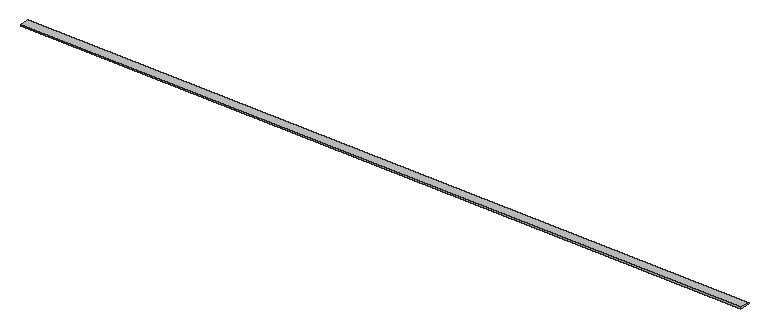
Revit family "E_Cable Tray Support_MEPcontent_OBO Bettermann_SL 62 FT", category Cable Tray Fittings, Revit 2015
Parameters (values of type "SLH 62 FT")
  Wholesaler Art. No. = ""
  Wholesaler = ""
  Watermarked By = "www.stabiplan.com"
  Width 1 = 40.00 mm
  URL = "www.stabiplan.com"
  built-in parameter 1140111 [instance] = 5.00 mm  # constant formula
  Stabu Code = ""
  Revit Version = "2015"  # constant formula
  MEPcontent Class = "CABLE_TRAY_SUPPORT"  # constant formula
  Internal Art. No. = ""
  IFCExportType = "NOTDEFINED"  # constant formula
  IFCExportAs = "IfcCableCarrierFittingType"  # constant formula
  Function Code [instance] = ""
  Family Version = "10.14"  # constant formula
  ETIM Article Class = "EC001005"  # constant formula
  EMCS Version = "2.0"  # constant formula
  Copyright = "© Stabiplan International BV"  # constant formula
  Content Supplier URL = ""
  CB-NL Class = ""
  Article Type = if(and(Length = 3000.00 mm, Width 1 = 40.00 mm), "SLH 62 FT", "Unknown")  # "SLH 62 FT"
  Product Line = "OBO BETTERMANN CableTrays"  # constant formula
  Model = if(and(Length = 3000.00 mm, Width 1 = 40.00 mm), "SLH 62 FT", "Unknown")  # "SLH 62 FT"
  Manufacturer = "OBO BETTERMANN"  # constant formula
  Length = 3000.00 mm
  Custom [instance] = if(and(Length = 3000.00 mm, Width 1 = 40.00 mm), 1 = 0, 1 = 1)  # no
  GTIN = if(and(Length = 3000.00 mm, Width 1 = 40.00 mm), "4012196468911", "Unknown")  # "4012196468911"
  Description = "Perforated side rail of ship cable ladder, SL 62, for creation of suspension and support structures."  # constant formula
  Manufacturer URL = "http://catalog4.obo-bettermann.com/catalogue/catalogue.do?forward=showProductGroup&act=showIO&favOid=kts_70344&action=showManyProducts&lang=nl&OID=kts_70344&catId="
  Gray = Color RGB 189-187-185
  Manufacturer Art. No. = if(and(Length = 3000.00 mm, Width 1 = 40.00 mm), "7103643", "Unknown")  # "7103643"
  Article Description = "Perforated side rail of ship cable ladder, SL 62, for creation of suspension and support structures."  # constant formula
Reference planes
  plane 1 "Center (Front/Back)": y = 0
  plane 2: z = 0
  plane 3 "Center (Left/Right)": x = 0
  plane 4: x = -1500
  plane 5: x = 1500
  plane 6: y = 20
  plane 7: y = -20
  plane 8: z = 5
Forms (mm)
  Extrusion 1, solid, material "Color RGB 189-187-185" <- "Gray", detail levels medium+fine
    sketch origin (0, 0, 0) x (1, 0, 0) y (0, 1, 0)
      loop
        line (-1500, 20) -> (-1500, -20) -> (1500, -20) -> (1500, 20) -> (-1500, 20)
    from 0 to 5
Lines and regions (mm)
  model lines, style "Fittings", detail levels coarse
    curve 1: line (-1500, 0, 0) -> (1500, 0, 0)
Dimensions and locks
  equal spacing: plane 5, plane 3 "Center (Left/Right)", plane 4
  "Length": plane 5 to plane 4
  equal spacing: plane 6, plane 1 "Center (Front/Back)", plane 7
  "Width 1": plane 6 to plane 7
  "built-in parameter 1140111": plane 8 to level
  aligned and locked: level to plane 2
  aligned and locked: Extrusion 1 sketch curve to plane 6
  aligned and locked: plane 4 to Extrusion 1 sketch curve
  aligned and locked: Extrusion 1 sketch curve to plane 7
  aligned and locked: plane 5 to Extrusion 1 sketch curve
  aligned and locked: Extrusion 1 to level
  aligned and locked: Extrusion 1 to plane 8
  aligned and locked: plane 5 to curve 1
  aligned and locked: plane 4 to curve 1
  aligned and locked: curve 1 to level
